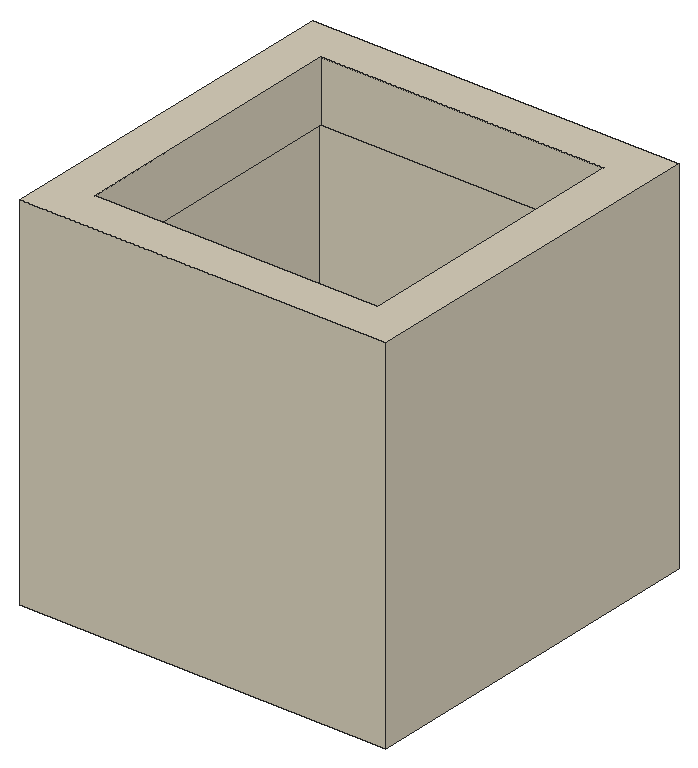
Revit family "Specialty_Equipment-Fiberstone_Planter-Planters_Unlimited-Draper-Rectangular & Square-rev", category Specialty Equipment, Revit 2023 (continued)
Types (596): name | Type Comments | Description | CD_Width | CD_Specification | CD_Product Page URL | CD_Length | CD_Height | CD_Divider Visibility
  96"L x 12"W x 18"H | "Rectangular Planter" | "Draper Rectangular Planter" | 12.0" | "https://www.plantersunlimited.com/content/2024-07-10-fg-pu-guide-specifications.pdf" | "https://www.plantersunlimited.com/modern-fiberglass-round-planter/" | 96.0" | 18.0" | yes
  96"L x 12"W x 24"H | "Rectangular Planter" | "Draper Rectangular Planter" | 12.0" | "https://www.plantersunlimited.com/content/2024-07-10-fg-pu-guide-specifications.pdf" | "https://www.plantersunlimited.com/modern-fiberglass-round-planter/" | 96.0" | 24.0" | yes
  96"L x 12"W x 30"H | "Rectangular Planter" | "Draper Rectangular Planter" | 12.0" | "https://www.plantersunlimited.com/content/2024-07-10-fg-pu-guide-specifications.pdf" | "https://www.plantersunlimited.com/modern-fiberglass-round-planter/" | 96.0" | 30.0" | yes
  96"L x 12"W x 36"H | "Rectangular Planter" | "Draper Rectangular Planter" | 12.0" | "https://www.plantersunlimited.com/content/2024-07-10-fg-pu-guide-specifications.pdf" | "https://www.plantersunlimited.com/modern-fiberglass-round-planter/" | 96.0" | 36.0" | yes
  96"L x 15"W x 18"H | "Rectangular Planter" | "Draper Rectangular Planter" | 15.0" | "https://www.plantersunlimited.com/content/2024-07-10-fg-pu-guide-specifications.pdf" | "https://www.plantersunlimited.com/modern-fiberglass-round-planter/" | 96.0" | 18.0" | yes
  96"L x 15"W x 24"H | "Rectangular Planter" | "Draper Rectangular Planter" | 15.0" | "https://www.plantersunlimited.com/content/2024-07-10-fg-pu-guide-specifications.pdf" | "https://www.plantersunlimited.com/modern-fiberglass-round-planter/" | 96.0" | 24.0" | yes
  96"L x 15"W x 30"H | "Rectangular Planter" | "Draper Rectangular Planter" | 15.0" | "https://www.plantersunlimited.com/content/2024-07-10-fg-pu-guide-specifications.pdf" | "https://www.plantersunlimited.com/modern-fiberglass-round-planter/" | 96.0" | 30.0" | yes
  96"L x 15"W x 36"H | "Rectangular Planter" | "Draper Rectangular Planter" | 15.0" | "https://www.plantersunlimited.com/content/2024-07-10-fg-pu-guide-specifications.pdf" | "https://www.plantersunlimited.com/modern-fiberglass-round-planter/" | 96.0" | 36.0" | yes
  96"L x 15"W x 42"H | "Rectangular Planter" | "Draper Rectangular Planter" | 15.0" | "https://www.plantersunlimited.com/content/2024-07-10-fg-pu-guide-specifications.pdf" | "https://www.plantersunlimited.com/modern-fiberglass-round-planter/" | 96.0" | 42.0" | yes
  96"L x 15"W x 48"H | "Rectangular Planter" | "Draper Rectangular Planter" | 15.0" | "https://www.plantersunlimited.com/content/2024-07-10-fg-pu-guide-specifications.pdf" | "https://www.plantersunlimited.com/modern-fiberglass-round-planter/" | 96.0" | 48.0" | yes
  96"L x 18"W x 18"H | "Rectangular Planter" | "Draper Rectangular Planter" | 18.0" | "https://www.plantersunlimited.com/content/2024-07-10-fg-pu-guide-specifications.pdf" | "https://www.plantersunlimited.com/modern-fiberglass-round-planter/" | 96.0" | 18.0" | yes
  96"L x 18"W x 24"H | "Rectangular Planter" | "Draper Rectangular Planter" | 18.0" | "https://www.plantersunlimited.com/content/2024-07-10-fg-pu-guide-specifications.pdf" | "https://www.plantersunlimited.com/modern-fiberglass-round-planter/" | 96.0" | 24.0" | yes
  96"L x 18"W x 30"H | "Rectangular Planter" | "Draper Rectangular Planter" | 18.0" | "https://www.plantersunlimited.com/content/2024-07-10-fg-pu-guide-specifications.pdf" | "https://www.plantersunlimited.com/modern-fiberglass-round-planter/" | 96.0" | 30.0" | yes
  96"L x 18"W x 36"H | "Rectangular Planter" | "Draper Rectangular Planter" | 18.0" | "https://www.plantersunlimited.com/content/2024-07-10-fg-pu-guide-specifications.pdf" | "https://www.plantersunlimited.com/modern-fiberglass-round-planter/" | 96.0" | 36.0" | yes
  96"L x 18"W x 42"H | "Rectangular Planter" | "Draper Rectangular Planter" | 18.0" | "https://www.plantersunlimited.com/content/2024-07-10-fg-pu-guide-specifications.pdf" | "https://www.plantersunlimited.com/modern-fiberglass-round-planter/" | 96.0" | 42.0" | yes
  96"L x 18"W x 48"H | "Rectangular Planter" | "Draper Rectangular Planter" | 18.0" | "https://www.plantersunlimited.com/content/2024-07-10-fg-pu-guide-specifications.pdf" | "https://www.plantersunlimited.com/modern-fiberglass-round-planter/" | 96.0" | 48.0" | yes
  96"L x 24"W x 18"H | "Rectangular Planter" | "Draper Rectangular Planter" | 24.0" | "https://www.plantersunlimited.com/content/2024-07-10-fg-pu-guide-specifications.pdf" | "https://www.plantersunlimited.com/modern-fiberglass-round-planter/" | 96.0" | 18.0" | yes
  96"L x 24"W x 24"H | "Rectangular Planter" | "Draper Rectangular Planter" | 24.0" | "https://www.plantersunlimited.com/content/2024-07-10-fg-pu-guide-specifications.pdf" | "https://www.plantersunlimited.com/modern-fiberglass-round-planter/" | 96.0" | 24.0" | yes
  96"L x 24"W x 30"H | "Rectangular Planter" | "Draper Rectangular Planter" | 24.0" | "https://www.plantersunlimited.com/content/2024-07-10-fg-pu-guide-specifications.pdf" | "https://www.plantersunlimited.com/modern-fiberglass-round-planter/" | 96.0" | 30.0" | yes
  96"L x 24"W x 36"H | "Rectangular Planter" | "Draper Rectangular Planter" | 24.0" | "https://www.plantersunlimited.com/content/2024-07-10-fg-pu-guide-specifications.pdf" | "https://www.plantersunlimited.com/modern-fiberglass-round-planter/" | 96.0" | 36.0" | yes
  96"L x 24"W x 42"H | "Rectangular Planter" | "Draper Rectangular Planter" | 24.0" | "https://www.plantersunlimited.com/content/2024-07-10-fg-pu-guide-specifications.pdf" | "https://www.plantersunlimited.com/modern-fiberglass-round-planter/" | 96.0" | 42.0" | yes
  96"L x 24"W x 48"H | "Rectangular Planter" | "Draper Rectangular Planter" | 24.0" | "https://www.plantersunlimited.com/content/2024-07-10-fg-pu-guide-specifications.pdf" | "https://www.plantersunlimited.com/modern-fiberglass-round-planter/" | 96.0" | 48.0" | yes
  96"L x 30"W x 18"H | "Rectangular Planter" | "Draper Rectangular Planter" | 30.0" | "https://www.plantersunlimited.com/content/2024-07-10-fg-pu-guide-specifications.pdf" | "https://www.plantersunlimited.com/modern-fiberglass-round-planter/" | 96.0" | 18.0" | yes
  96"L x 30"W x 24"H | "Rectangular Planter" | "Draper Rectangular Planter" | 30.0" | "https://www.plantersunlimited.com/content/2024-07-10-fg-pu-guide-specifications.pdf" | "https://www.plantersunlimited.com/modern-fiberglass-round-planter/" | 96.0" | 24.0" | yes
  96"L x 30"W x 30"H | "Rectangular Planter" | "Draper Rectangular Planter" | 30.0" | "https://www.plantersunlimited.com/content/2024-07-10-fg-pu-guide-specifications.pdf" | "https://www.plantersunlimited.com/modern-fiberglass-round-planter/" | 96.0" | 30.0" | yes
  96"L x 30"W x 36"H | "Rectangular Planter" | "Draper Rectangular Planter" | 30.0" | "https://www.plantersunlimited.com/content/2024-07-10-fg-pu-guide-specifications.pdf" | "https://www.plantersunlimited.com/modern-fiberglass-round-planter/" | 96.0" | 36.0" | yes
  96"L x 30"W x 42"H | "Rectangular Planter" | "Draper Rectangular Planter" | 30.0" | "https://www.plantersunlimited.com/content/2024-07-10-fg-pu-guide-specifications.pdf" | "https://www.plantersunlimited.com/modern-fiberglass-round-planter/" | 96.0" | 42.0" | yes
  96"L x 30"W x 48"H | "Rectangular Planter" | "Draper Rectangular Planter" | 30.0" | "https://www.plantersunlimited.com/content/2024-07-10-fg-pu-guide-specifications.pdf" | "https://www.plantersunlimited.com/modern-fiberglass-round-planter/" | 96.0" | 48.0" | yes
  96"L x 36"W x 18"H | "Rectangular Planter" | "Draper Rectangular Planter" | 36.0" | "https://www.plantersunlimited.com/content/2024-07-10-fg-pu-guide-specifications.pdf" | "https://www.plantersunlimited.com/modern-fiberglass-round-planter/" | 96.0" | 18.0" | yes
  96"L x 36"W x 24"H | "Rectangular Planter" | "Draper Rectangular Planter" | 36.0" | "https://www.plantersunlimited.com/content/2024-07-10-fg-pu-guide-specifications.pdf" | "https://www.plantersunlimited.com/modern-fiberglass-round-planter/" | 96.0" | 24.0" | yes
  96"L x 36"W x 30"H | "Rectangular Planter" | "Draper Rectangular Planter" | 36.0" | "https://www.plantersunlimited.com/content/2024-07-10-fg-pu-guide-specifications.pdf" | "https://www.plantersunlimited.com/modern-fiberglass-round-planter/" | 96.0" | 30.0" | yes
  96"L x 36"W x 36"H | "Rectangular Planter" | "Draper Rectangular Planter" | 36.0" | "https://www.plantersunlimited.com/content/2024-07-10-fg-pu-guide-specifications.pdf" | "https://www.plantersunlimited.com/modern-fiberglass-round-planter/" | 96.0" | 36.0" | yes
  96"L x 36"W x 42"H | "Rectangular Planter" | "Draper Rectangular Planter" | 36.0" | "https://www.plantersunlimited.com/content/2024-07-10-fg-pu-guide-specifications.pdf" | "https://www.plantersunlimited.com/modern-fiberglass-round-planter/" | 96.0" | 42.0" | yes
  96"L x 36"W x 48"H | "Rectangular Planter" | "Draper Rectangular Planter" | 36.0" | "https://www.plantersunlimited.com/content/2024-07-10-fg-pu-guide-specifications.pdf" | "https://www.plantersunlimited.com/modern-fiberglass-round-planter/" | 96.0" | 48.0" | yes
  96"L x 42"W x 18"H | "Rectangular Planter" | "Draper Rectangular Planter" | 42.0" | "https://www.plantersunlimited.com/content/2024-07-10-fg-pu-guide-specifications.pdf" | "https://www.plantersunlimited.com/modern-fiberglass-round-planter/" | 96.0" | 18.0" | yes
  96"L x 42"W x 24"H | "Rectangular Planter" | "Draper Rectangular Planter" | 42.0" | "https://www.plantersunlimited.com/content/2024-07-10-fg-pu-guide-specifications.pdf" | "https://www.plantersunlimited.com/modern-fiberglass-round-planter/" | 96.0" | 24.0" | yes
  96"L x 42"W x 30"H | "Rectangular Planter" | "Draper Rectangular Planter" | 42.0" | "https://www.plantersunlimited.com/content/2024-07-10-fg-pu-guide-specifications.pdf" | "https://www.plantersunlimited.com/modern-fiberglass-round-planter/" | 96.0" | 30.0" | yes
  96"L x 42"W x 36"H | "Rectangular Planter" | "Draper Rectangular Planter" | 42.0" | "https://www.plantersunlimited.com/content/2024-07-10-fg-pu-guide-specifications.pdf" | "https://www.plantersunlimited.com/modern-fiberglass-round-planter/" | 96.0" | 36.0" | yes
  96"L x 42"W x 42"H | "Rectangular Planter" | "Draper Rectangular Planter" | 42.0" | "https://www.plantersunlimited.com/content/2024-07-10-fg-pu-guide-specifications.pdf" | "https://www.plantersunlimited.com/modern-fiberglass-round-planter/" | 96.0" | 42.0" | yes
  96"L x 42"W x 48"H | "Rectangular Planter" | "Draper Rectangular Planter" | 42.0" | "https://www.plantersunlimited.com/content/2024-07-10-fg-pu-guide-specifications.pdf" | "https://www.plantersunlimited.com/modern-fiberglass-round-planter/" | 96.0" | 48.0" | yes
  108"L x 12"W x 18"H | "Rectangular Planter" | "Draper Rectangular Planter" | 12.0" | "https://www.plantersunlimited.com/content/2024-07-10-fg-pu-guide-specifications.pdf" | "https://www.plantersunlimited.com/modern-fiberglass-round-planter/" | 108.0" | 18.0" | yes
  108"L x 12"W x 24"H | "Rectangular Planter" | "Draper Rectangular Planter" | 12.0" | "https://www.plantersunlimited.com/content/2024-07-10-fg-pu-guide-specifications.pdf" | "https://www.plantersunlimited.com/modern-fiberglass-round-planter/" | 108.0" | 24.0" | yes
  108"L x 12"W x 30"H | "Rectangular Planter" | "Draper Rectangular Planter" | 12.0" | "https://www.plantersunlimited.com/content/2024-07-10-fg-pu-guide-specifications.pdf" | "https://www.plantersunlimited.com/modern-fiberglass-round-planter/" | 108.0" | 30.0" | yes
  108"L x 12"W x 36"H | "Rectangular Planter" | "Draper Rectangular Planter" | 12.0" | "https://www.plantersunlimited.com/content/2024-07-10-fg-pu-guide-specifications.pdf" | "https://www.plantersunlimited.com/modern-fiberglass-round-planter/" | 108.0" | 36.0" | yes
  108"L x 15"W x 18"H | "Rectangular Planter" | "Draper Rectangular Planter" | 15.0" | "https://www.plantersunlimited.com/content/2024-07-10-fg-pu-guide-specifications.pdf" | "https://www.plantersunlimited.com/modern-fiberglass-round-planter/" | 108.0" | 18.0" | yes
  108"L x 15"W x 24"H | "Rectangular Planter" | "Draper Rectangular Planter" | 15.0" | "https://www.plantersunlimited.com/content/2024-07-10-fg-pu-guide-specifications.pdf" | "https://www.plantersunlimited.com/modern-fiberglass-round-planter/" | 108.0" | 24.0" | yes
  108"L x 15"W x 30"H | "Rectangular Planter" | "Draper Rectangular Planter" | 15.0" | "https://www.plantersunlimited.com/content/2024-07-10-fg-pu-guide-specifications.pdf" | "https://www.plantersunlimited.com/modern-fiberglass-round-planter/" | 108.0" | 30.0" | yes
  108"L x 15"W x 36"H | "Rectangular Planter" | "Draper Rectangular Planter" | 15.0" | "https://www.plantersunlimited.com/content/2024-07-10-fg-pu-guide-specifications.pdf" | "https://www.plantersunlimited.com/modern-fiberglass-round-planter/" | 108.0" | 36.0" | yes
  108"L x 15"W x 42"H | "Rectangular Planter" | "Draper Rectangular Planter" | 15.0" | "https://www.plantersunlimited.com/content/2024-07-10-fg-pu-guide-specifications.pdf" | "https://www.plantersunlimited.com/modern-fiberglass-round-planter/" | 108.0" | 42.0" | yes
  108"L x 15"W x 48"H | "Rectangular Planter" | "Draper Rectangular Planter" | 15.0" | "https://www.plantersunlimited.com/content/2024-07-10-fg-pu-guide-specifications.pdf" | "https://www.plantersunlimited.com/modern-fiberglass-round-planter/" | 108.0" | 48.0" | yes
  108"L x 18"W x 18"H | "Rectangular Planter" | "Draper Rectangular Planter" | 18.0" | "https://www.plantersunlimited.com/content/2024-07-10-fg-pu-guide-specifications.pdf" | "https://www.plantersunlimited.com/modern-fiberglass-round-planter/" | 108.0" | 18.0" | yes
  108"L x 18"W x 24"H | "Rectangular Planter" | "Draper Rectangular Planter" | 18.0" | "https://www.plantersunlimited.com/content/2024-07-10-fg-pu-guide-specifications.pdf" | "https://www.plantersunlimited.com/modern-fiberglass-round-planter/" | 108.0" | 24.0" | yes
  108"L x 18"W x 30"H | "Rectangular Planter" | "Draper Rectangular Planter" | 18.0" | "https://www.plantersunlimited.com/content/2024-07-10-fg-pu-guide-specifications.pdf" | "https://www.plantersunlimited.com/modern-fiberglass-round-planter/" | 108.0" | 30.0" | yes
  108"L x 18"W x 36"H | "Rectangular Planter" | "Draper Rectangular Planter" | 18.0" | "https://www.plantersunlimited.com/content/2024-07-10-fg-pu-guide-specifications.pdf" | "https://www.plantersunlimited.com/modern-fiberglass-round-planter/" | 108.0" | 36.0" | yes
  108"L x 18"W x 42"H | "Rectangular Planter" | "Draper Rectangular Planter" | 18.0" | "https://www.plantersunlimited.com/content/2024-07-10-fg-pu-guide-specifications.pdf" | "https://www.plantersunlimited.com/modern-fiberglass-round-planter/" | 108.0" | 42.0" | yes
  108"L x 18"W x 48"H | "Rectangular Planter" | "Draper Rectangular Planter" | 18.0" | "https://www.plantersunlimited.com/content/2024-07-10-fg-pu-guide-specifications.pdf" | "https://www.plantersunlimited.com/modern-fiberglass-round-planter/" | 108.0" | 48.0" | yes
  108"L x 24"W x 18"H | "Rectangular Planter" | "Draper Rectangular Planter" | 24.0" | "https://www.plantersunlimited.com/content/2024-07-10-fg-pu-guide-specifications.pdf" | "https://www.plantersunlimited.com/modern-fiberglass-round-planter/" | 108.0" | 18.0" | yes
  108"L x 24"W x 24"H | "Rectangular Planter" | "Draper Rectangular Planter" | 24.0" | "https://www.plantersunlimited.com/content/2024-07-10-fg-pu-guide-specifications.pdf" | "https://www.plantersunlimited.com/modern-fiberglass-round-planter/" | 108.0" | 24.0" | yes
  108"L x 24"W x 30"H | "Rectangular Planter" | "Draper Rectangular Planter" | 24.0" | "https://www.plantersunlimited.com/content/2024-07-10-fg-pu-guide-specifications.pdf" | "https://www.plantersunlimited.com/modern-fiberglass-round-planter/" | 108.0" | 30.0" | yes
  108"L x 24"W x 36"H | "Rectangular Planter" | "Draper Rectangular Planter" | 24.0" | "https://www.plantersunlimited.com/content/2024-07-10-fg-pu-guide-specifications.pdf" | "https://www.plantersunlimited.com/modern-fiberglass-round-planter/" | 108.0" | 36.0" | yes
  108"L x 24"W x 42"H | "Rectangular Planter" | "Draper Rectangular Planter" | 24.0" | "https://www.plantersunlimited.com/content/2024-07-10-fg-pu-guide-specifications.pdf" | "https://www.plantersunlimited.com/modern-fiberglass-round-planter/" | 108.0" | 42.0" | yes
  108"L x 24"W x 48"H | "Rectangular Planter" | "Draper Rectangular Planter" | 24.0" | "https://www.plantersunlimited.com/content/2024-07-10-fg-pu-guide-specifications.pdf" | "https://www.plantersunlimited.com/modern-fiberglass-round-planter/" | 108.0" | 48.0" | yes
  108"L x 30"W x 18"H | "Rectangular Planter" | "Draper Rectangular Planter" | 30.0" | "https://www.plantersunlimited.com/content/2024-07-10-fg-pu-guide-specifications.pdf" | "https://www.plantersunlimited.com/modern-fiberglass-round-planter/" | 108.0" | 18.0" | yes
  108"L x 30"W x 24"H | "Rectangular Planter" | "Draper Rectangular Planter" | 30.0" | "https://www.plantersunlimited.com/content/2024-07-10-fg-pu-guide-specifications.pdf" | "https://www.plantersunlimited.com/modern-fiberglass-round-planter/" | 108.0" | 24.0" | yes
  108"L x 30"W x 30"H | "Rectangular Planter" | "Draper Rectangular Planter" | 30.0" | "https://www.plantersunlimited.com/content/2024-07-10-fg-pu-guide-specifications.pdf" | "https://www.plantersunlimited.com/modern-fiberglass-round-planter/" | 108.0" | 30.0" | yes
  108"L x 30"W x 36"H | "Rectangular Planter" | "Draper Rectangular Planter" | 30.0" | "https://www.plantersunlimited.com/content/2024-07-10-fg-pu-guide-specifications.pdf" | "https://www.plantersunlimited.com/modern-fiberglass-round-planter/" | 108.0" | 36.0" | yes
  108"L x 30"W x 42"H | "Rectangular Planter" | "Draper Rectangular Planter" | 30.0" | "https://www.plantersunlimited.com/content/2024-07-10-fg-pu-guide-specifications.pdf" | "https://www.plantersunlimited.com/modern-fiberglass-round-planter/" | 108.0" | 42.0" | yes
  108"L x 30"W x 48"H | "Rectangular Planter" | "Draper Rectangular Planter" | 30.0" | "https://www.plantersunlimited.com/content/2024-07-10-fg-pu-guide-specifications.pdf" | "https://www.plantersunlimited.com/modern-fiberglass-round-planter/" | 108.0" | 48.0" | yes
  108"L x 36"W x 18"H | "Rectangular Planter" | "Draper Rectangular Planter" | 36.0" | "https://www.plantersunlimited.com/content/2024-07-10-fg-pu-guide-specifications.pdf" | "https://www.plantersunlimited.com/modern-fiberglass-round-planter/" | 108.0" | 18.0" | yes
  108"L x 36"W x 24"H | "Rectangular Planter" | "Draper Rectangular Planter" | 36.0" | "https://www.plantersunlimited.com/content/2024-07-10-fg-pu-guide-specifications.pdf" | "https://www.plantersunlimited.com/modern-fiberglass-round-planter/" | 108.0" | 24.0" | yes
  108"L x 36"W x 30"H | "Rectangular Planter" | "Draper Rectangular Planter" | 36.0" | "https://www.plantersunlimited.com/content/2024-07-10-fg-pu-guide-specifications.pdf" | "https://www.plantersunlimited.com/modern-fiberglass-round-planter/" | 108.0" | 30.0" | yes
  108"L x 36"W x 36"H | "Rectangular Planter" | "Draper Rectangular Planter" | 36.0" | "https://www.plantersunlimited.com/content/2024-07-10-fg-pu-guide-specifications.pdf" | "https://www.plantersunlimited.com/modern-fiberglass-round-planter/" | 108.0" | 36.0" | yes
  108"L x 36"W x 42"H | "Rectangular Planter" | "Draper Rectangular Planter" | 36.0" | "https://www.plantersunlimited.com/content/2024-07-10-fg-pu-guide-specifications.pdf" | "https://www.plantersunlimited.com/modern-fiberglass-round-planter/" | 108.0" | 42.0" | yes
  108"L x 36"W x 48"H | "Rectangular Planter" | "Draper Rectangular Planter" | 36.0" | "https://www.plantersunlimited.com/content/2024-07-10-fg-pu-guide-specifications.pdf" | "https://www.plantersunlimited.com/modern-fiberglass-round-planter/" | 108.0" | 48.0" | yes
  108"L x 42"W x 18"H | "Rectangular Planter" | "Draper Rectangular Planter" | 42.0" | "https://www.plantersunlimited.com/content/2024-07-10-fg-pu-guide-specifications.pdf" | "https://www.plantersunlimited.com/modern-fiberglass-round-planter/" | 108.0" | 18.0" | yes
  108"L x 42"W x 24"H | "Rectangular Planter" | "Draper Rectangular Planter" | 42.0" | "https://www.plantersunlimited.com/content/2024-07-10-fg-pu-guide-specifications.pdf" | "https://www.plantersunlimited.com/modern-fiberglass-round-planter/" | 108.0" | 24.0" | yes
  108"L x 42"W x 30"H | "Rectangular Planter" | "Draper Rectangular Planter" | 42.0" | "https://www.plantersunlimited.com/content/2024-07-10-fg-pu-guide-specifications.pdf" | "https://www.plantersunlimited.com/modern-fiberglass-round-planter/" | 108.0" | 30.0" | yes
  108"L x 42"W x 36"H | "Rectangular Planter" | "Draper Rectangular Planter" | 42.0" | "https://www.plantersunlimited.com/content/2024-07-10-fg-pu-guide-specifications.pdf" | "https://www.plantersunlimited.com/modern-fiberglass-round-planter/" | 108.0" | 36.0" | yes
  108"L x 42"W x 42"H | "Rectangular Planter" | "Draper Rectangular Planter" | 42.0" | "https://www.plantersunlimited.com/content/2024-07-10-fg-pu-guide-specifications.pdf" | "https://www.plantersunlimited.com/modern-fiberglass-round-planter/" | 108.0" | 42.0" | yes
  108"L x 42"W x 48"H | "Rectangular Planter" | "Draper Rectangular Planter" | 42.0" | "https://www.plantersunlimited.com/content/2024-07-10-fg-pu-guide-specifications.pdf" | "https://www.plantersunlimited.com/modern-fiberglass-round-planter/" | 108.0" | 48.0" | yes
  120"L x 12"W x 18"H | "Rectangular Planter" | "Draper Rectangular Planter" | 12.0" | "https://www.plantersunlimited.com/content/2024-07-10-fg-pu-guide-specifications.pdf" | "https://www.plantersunlimited.com/modern-fiberglass-round-planter/" | 120.0" | 18.0" | yes
  120"L x 12"W x 24"H | "Rectangular Planter" | "Draper Rectangular Planter" | 12.0" | "https://www.plantersunlimited.com/content/2024-07-10-fg-pu-guide-specifications.pdf" | "https://www.plantersunlimited.com/modern-fiberglass-round-planter/" | 120.0" | 24.0" | yes
  120"L x 12"W x 30"H | "Rectangular Planter" | "Draper Rectangular Planter" | 12.0" | "https://www.plantersunlimited.com/content/2024-07-10-fg-pu-guide-specifications.pdf" | "https://www.plantersunlimited.com/modern-fiberglass-round-planter/" | 120.0" | 30.0" | yes
  120"L x 12"W x 36"H | "Rectangular Planter" | "Draper Rectangular Planter" | 12.0" | "https://www.plantersunlimited.com/content/2024-07-10-fg-pu-guide-specifications.pdf" | "https://www.plantersunlimited.com/modern-fiberglass-round-planter/" | 120.0" | 36.0" | yes
  120"L x 15"W x 18"H | "Rectangular Planter" | "Draper Rectangular Planter" | 15.0" | "https://www.plantersunlimited.com/content/2024-07-10-fg-pu-guide-specifications.pdf" | "https://www.plantersunlimited.com/modern-fiberglass-round-planter/" | 120.0" | 18.0" | yes
  120"L x 15"W x 24"H | "Rectangular Planter" | "Draper Rectangular Planter" | 15.0" | "https://www.plantersunlimited.com/content/2024-07-10-fg-pu-guide-specifications.pdf" | "https://www.plantersunlimited.com/modern-fiberglass-round-planter/" | 120.0" | 24.0" | yes
  120"L x 15"W x 30"H | "Rectangular Planter" | "Draper Rectangular Planter" | 15.0" | "https://www.plantersunlimited.com/content/2024-07-10-fg-pu-guide-specifications.pdf" | "https://www.plantersunlimited.com/modern-fiberglass-round-planter/" | 120.0" | 30.0" | yes
  120"L x 15"W x 36"H | "Rectangular Planter" | "Draper Rectangular Planter" | 15.0" | "https://www.plantersunlimited.com/content/2024-07-10-fg-pu-guide-specifications.pdf" | "https://www.plantersunlimited.com/modern-fiberglass-round-planter/" | 120.0" | 36.0" | yes
  120"L x 15"W x 42"H | "Rectangular Planter" | "Draper Rectangular Planter" | 15.0" | "https://www.plantersunlimited.com/content/2024-07-10-fg-pu-guide-specifications.pdf" | "https://www.plantersunlimited.com/modern-fiberglass-round-planter/" | 120.0" | 42.0" | yes
  120"L x 15"W x 48"H | "Rectangular Planter" | "Draper Rectangular Planter" | 15.0" | "https://www.plantersunlimited.com/content/2024-07-10-fg-pu-guide-specifications.pdf" | "https://www.plantersunlimited.com/modern-fiberglass-round-planter/" | 120.0" | 48.0" | yes
  120"L x 18"W x 18"H | "Rectangular Planter" | "Draper Rectangular Planter" | 18.0" | "https://www.plantersunlimited.com/content/2024-07-10-fg-pu-guide-specifications.pdf" | "https://www.plantersunlimited.com/modern-fiberglass-round-planter/" | 120.0" | 18.0" | yes
  120"L x 18"W x 24"H | "Rectangular Planter" | "Draper Rectangular Planter" | 18.0" | "https://www.plantersunlimited.com/content/2024-07-10-fg-pu-guide-specifications.pdf" | "https://www.plantersunlimited.com/modern-fiberglass-round-planter/" | 120.0" | 24.0" | yes
  120"L x 18"W x 30"H | "Rectangular Planter" | "Draper Rectangular Planter" | 18.0" | "https://www.plantersunlimited.com/content/2024-07-10-fg-pu-guide-specifications.pdf" | "https://www.plantersunlimited.com/modern-fiberglass-round-planter/" | 120.0" | 30.0" | yes
  120"L x 18"W x 36"H | "Rectangular Planter" | "Draper Rectangular Planter" | 18.0" | "https://www.plantersunlimited.com/content/2024-07-10-fg-pu-guide-specifications.pdf" | "https://www.plantersunlimited.com/modern-fiberglass-round-planter/" | 120.0" | 36.0" | yes
  120"L x 18"W x 42"H | "Rectangular Planter" | "Draper Rectangular Planter" | 18.0" | "https://www.plantersunlimited.com/content/2024-07-10-fg-pu-guide-specifications.pdf" | "https://www.plantersunlimited.com/modern-fiberglass-round-planter/" | 120.0" | 42.0" | yes
  120"L x 18"W x 48"H | "Rectangular Planter" | "Draper Rectangular Planter" | 18.0" | "https://www.plantersunlimited.com/content/2024-07-10-fg-pu-guide-specifications.pdf" | "https://www.plantersunlimited.com/modern-fiberglass-round-planter/" | 120.0" | 48.0" | yes
  120"L x 24"W x 18"H | "Rectangular Planter" | "Draper Rectangular Planter" | 24.0" | "https://www.plantersunlimited.com/content/2024-07-10-fg-pu-guide-specifications.pdf" | "https://www.plantersunlimited.com/modern-fiberglass-round-planter/" | 120.0" | 18.0" | yes
  120"L x 24"W x 24"H | "Rectangular Planter" | "Draper Rectangular Planter" | 24.0" | "https://www.plantersunlimited.com/content/2024-07-10-fg-pu-guide-specifications.pdf" | "https://www.plantersunlimited.com/modern-fiberglass-round-planter/" | 120.0" | 24.0" | yes
  120"L x 24"W x 30"H | "Rectangular Planter" | "Draper Rectangular Planter" | 24.0" | "https://www.plantersunlimited.com/content/2024-07-10-fg-pu-guide-specifications.pdf" | "https://www.plantersunlimited.com/modern-fiberglass-round-planter/" | 120.0" | 30.0" | yes
  120"L x 24"W x 36"H | "Rectangular Planter" | "Draper Rectangular Planter" | 24.0" | "https://www.plantersunlimited.com/content/2024-07-10-fg-pu-guide-specifications.pdf" | "https://www.plantersunlimited.com/modern-fiberglass-round-planter/" | 120.0" | 36.0" | yes
  120"L x 24"W x 42"H | "Rectangular Planter" | "Draper Rectangular Planter" | 24.0" | "https://www.plantersunlimited.com/content/2024-07-10-fg-pu-guide-specifications.pdf" | "https://www.plantersunlimited.com/modern-fiberglass-round-planter/" | 120.0" | 42.0" | yes
  120"L x 24"W x 48"H | "Rectangular Planter" | "Draper Rectangular Planter" | 24.0" | "https://www.plantersunlimited.com/content/2024-07-10-fg-pu-guide-specifications.pdf" | "https://www.plantersunlimited.com/modern-fiberglass-round-planter/" | 120.0" | 48.0" | yes
  120"L x 30"W x 18"H | "Rectangular Planter" | "Draper Rectangular Planter" | 30.0" | "https://www.plantersunlimited.com/content/2024-07-10-fg-pu-guide-specifications.pdf" | "https://www.plantersunlimited.com/modern-fiberglass-round-planter/" | 120.0" | 18.0" | yes
  120"L x 30"W x 24"H | "Rectangular Planter" | "Draper Rectangular Planter" | 30.0" | "https://www.plantersunlimited.com/content/2024-07-10-fg-pu-guide-specifications.pdf" | "https://www.plantersunlimited.com/modern-fiberglass-round-planter/" | 120.0" | 24.0" | yes
  120"L x 30"W x 30"H | "Rectangular Planter" | "Draper Rectangular Planter" | 30.0" | "https://www.plantersunlimited.com/content/2024-07-10-fg-pu-guide-specifications.pdf" | "https://www.plantersunlimited.com/modern-fiberglass-round-planter/" | 120.0" | 30.0" | yes
  120"L x 30"W x 36"H | "Rectangular Planter" | "Draper Rectangular Planter" | 30.0" | "https://www.plantersunlimited.com/content/2024-07-10-fg-pu-guide-specifications.pdf" | "https://www.plantersunlimited.com/modern-fiberglass-round-planter/" | 120.0" | 36.0" | yes
  120"L x 30"W x 42"H | "Rectangular Planter" | "Draper Rectangular Planter" | 30.0" | "https://www.plantersunlimited.com/content/2024-07-10-fg-pu-guide-specifications.pdf" | "https://www.plantersunlimited.com/modern-fiberglass-round-planter/" | 120.0" | 42.0" | yes
  120"L x 30"W x 48"H | "Rectangular Planter" | "Draper Rectangular Planter" | 30.0" | "https://www.plantersunlimited.com/content/2024-07-10-fg-pu-guide-specifications.pdf" | "https://www.plantersunlimited.com/modern-fiberglass-round-planter/" | 120.0" | 48.0" | yes
  120"L x 36"W x 18"H | "Rectangular Planter" | "Draper Rectangular Planter" | 36.0" | "https://www.plantersunlimited.com/content/2024-07-10-fg-pu-guide-specifications.pdf" | "https://www.plantersunlimited.com/modern-fiberglass-round-planter/" | 120.0" | 18.0" | yes
  120"L x 36"W x 24"H | "Rectangular Planter" | "Draper Rectangular Planter" | 36.0" | "https://www.plantersunlimited.com/content/2024-07-10-fg-pu-guide-specifications.pdf" | "https://www.plantersunlimited.com/modern-fiberglass-round-planter/" | 120.0" | 24.0" | yes
  120"L x 36"W x 30"H | "Rectangular Planter" | "Draper Rectangular Planter" | 36.0" | "https://www.plantersunlimited.com/content/2024-07-10-fg-pu-guide-specifications.pdf" | "https://www.plantersunlimited.com/modern-fiberglass-round-planter/" | 120.0" | 30.0" | yes
  120"L x 36"W x 36"H | "Rectangular Planter" | "Draper Rectangular Planter" | 36.0" | "https://www.plantersunlimited.com/content/2024-07-10-fg-pu-guide-specifications.pdf" | "https://www.plantersunlimited.com/modern-fiberglass-round-planter/" | 120.0" | 36.0" | yes
  120"L x 36"W x 42"H | "Rectangular Planter" | "Draper Rectangular Planter" | 36.0" | "https://www.plantersunlimited.com/content/2024-07-10-fg-pu-guide-specifications.pdf" | "https://www.plantersunlimited.com/modern-fiberglass-round-planter/" | 120.0" | 42.0" | yes
  120"L x 36"W x 48"H | "Rectangular Planter" | "Draper Rectangular Planter" | 36.0" | "https://www.plantersunlimited.com/content/2024-07-10-fg-pu-guide-specifications.pdf" | "https://www.plantersunlimited.com/modern-fiberglass-round-planter/" | 120.0" | 48.0" | yes
  120"L x 42"W x 18"H | "Rectangular Planter" | "Draper Rectangular Planter" | 42.0" | "https://www.plantersunlimited.com/content/2024-07-10-fg-pu-guide-specifications.pdf" | "https://www.plantersunlimited.com/modern-fiberglass-round-planter/" | 120.0" | 18.0" | yes
  120"L x 42"W x 24"H | "Rectangular Planter" | "Draper Rectangular Planter" | 42.0" | "https://www.plantersunlimited.com/content/2024-07-10-fg-pu-guide-specifications.pdf" | "https://www.plantersunlimited.com/modern-fiberglass-round-planter/" | 120.0" | 24.0" | yes
  120"L x 42"W x 30"H | "Rectangular Planter" | "Draper Rectangular Planter" | 42.0" | "https://www.plantersunlimited.com/content/2024-07-10-fg-pu-guide-specifications.pdf" | "https://www.plantersunlimited.com/modern-fiberglass-round-planter/" | 120.0" | 30.0" | yes
  120"L x 42"W x 36"H | "Rectangular Planter" | "Draper Rectangular Planter" | 42.0" | "https://www.plantersunlimited.com/content/2024-07-10-fg-pu-guide-specifications.pdf" | "https://www.plantersunlimited.com/modern-fiberglass-round-planter/" | 120.0" | 36.0" | yes
  120"L x 42"W x 42"H | "Rectangular Planter" | "Draper Rectangular Planter" | 42.0" | "https://www.plantersunlimited.com/content/2024-07-10-fg-pu-guide-specifications.pdf" | "https://www.plantersunlimited.com/modern-fiberglass-round-planter/" | 120.0" | 42.0" | yes
  120"L x 42"W x 48"H | "Rectangular Planter" | "Draper Rectangular Planter" | 42.0" | "https://www.plantersunlimited.com/content/2024-07-10-fg-pu-guide-specifications.pdf" | "https://www.plantersunlimited.com/modern-fiberglass-round-planter/" | 120.0" | 48.0" | yes
  18"L x 18"W x 18"H | "Square Planter" | "Draper Square Planter" | 18.0" | "https://www.plantersunlimited.com/content/2024-07-10-fg-pu-guide-specifications.pdf" | "https://www.plantersunlimited.com/modern-fiberglass-round-planter/" | 18.0" | 18.0" | no
  18"L x 18"W x 24"H | "Square Planter" | "Draper Square Planter" | 18.0" | "https://www.plantersunlimited.com/content/2024-07-10-fg-pu-guide-specifications.pdf" | "https://www.plantersunlimited.com/modern-fiberglass-round-planter/" | 18.0" | 24.0" | no
  18"L x 18"W x 30"H | "Square Planter" | "Draper Square Planter" | 18.0" | "https://www.plantersunlimited.com/content/2024-07-10-fg-pu-guide-specifications.pdf" | "https://www.plantersunlimited.com/modern-fiberglass-round-planter/" | 18.0" | 30.0" | no
  18"L x 18"W x 36"H | "Square Planter" | "Draper Square Planter" | 18.0" | "https://www.plantersunlimited.com/content/2024-07-10-fg-pu-guide-specifications.pdf" | "https://www.plantersunlimited.com/modern-fiberglass-round-planter/" | 18.0" | 36.0" | no
  18"L x 18"W x 42"H | "Square Planter" | "Draper Square Planter" | 18.0" | "https://www.plantersunlimited.com/content/2024-07-10-fg-pu-guide-specifications.pdf" | "https://www.plantersunlimited.com/modern-fiberglass-round-planter/" | 18.0" | 42.0" | no
  18"L x 18"W x 48"H | "Square Planter" | "Draper Square Planter" | 18.0" | "https://www.plantersunlimited.com/content/2024-07-10-fg-pu-guide-specifications.pdf" | "https://www.plantersunlimited.com/modern-fiberglass-round-planter/" | 18.0" | 48.0" | no
  18"L x 18"W x 54"H | "Square Planter" | "Draper Square Planter" | 18.0" | "https://www.plantersunlimited.com/content/2024-07-10-fg-pu-guide-specifications.pdf" | "https://www.plantersunlimited.com/modern-fiberglass-round-planter/" | 18.0" | 54.0" | no
  18"L x 18"W x 60"H | "Square Planter" | "Draper Square Planter" | 18.0" | "https://www.plantersunlimited.com/content/2024-07-10-fg-pu-guide-specifications.pdf" | "https://www.plantersunlimited.com/modern-fiberglass-round-planter/" | 18.0" | 60.0" | no
  24"L x 24"W x 18"H | "Square Planter" | "Draper Square Planter" | 24.0" | "https://www.plantersunlimited.com/content/2024-07-10-fg-pu-guide-specifications.pdf" | "https://www.plantersunlimited.com/modern-fiberglass-round-planter/" | 24.0" | 18.0" | no
  24"L x 24"W x 24"H | "Square Planter" | "Draper Square Planter" | 24.0" | "https://www.plantersunlimited.com/content/2024-07-10-fg-pu-guide-specifications.pdf" | "https://www.plantersunlimited.com/modern-fiberglass-round-planter/" | 24.0" | 24.0" | no
  24"L x 24"W x 30"H | "Square Planter" | "Draper Square Planter" | 24.0" | "https://www.plantersunlimited.com/content/2024-07-10-fg-pu-guide-specifications.pdf" | "https://www.plantersunlimited.com/modern-fiberglass-round-planter/" | 24.0" | 30.0" | no
  24"L x 24"W x 36"H | "Square Planter" | "Draper Square Planter" | 24.0" | "https://www.plantersunlimited.com/content/2024-07-10-fg-pu-guide-specifications.pdf" | "https://www.plantersunlimited.com/modern-fiberglass-round-planter/" | 24.0" | 36.0" | no
  24"L x 24"W x 42"H | "Square Planter" | "Draper Square Planter" | 24.0" | "https://www.plantersunlimited.com/content/2024-07-10-fg-pu-guide-specifications.pdf" | "https://www.plantersunlimited.com/modern-fiberglass-round-planter/" | 24.0" | 42.0" | no
  24"L x 24"W x 48"H | "Square Planter" | "Draper Square Planter" | 24.0" | "https://www.plantersunlimited.com/content/2024-07-10-fg-pu-guide-specifications.pdf" | "https://www.plantersunlimited.com/modern-fiberglass-round-planter/" | 24.0" | 48.0" | no
  24"L x 24"W x 54"H | "Square Planter" | "Draper Square Planter" | 24.0" | "https://www.plantersunlimited.com/content/2024-07-10-fg-pu-guide-specifications.pdf" | "https://www.plantersunlimited.com/modern-fiberglass-round-planter/" | 24.0" | 54.0" | no
  24"L x 24"W x 60"H | "Square Planter" | "Draper Square Planter" | 24.0" | "https://www.plantersunlimited.com/content/2024-07-10-fg-pu-guide-specifications.pdf" | "https://www.plantersunlimited.com/modern-fiberglass-round-planter/" | 24.0" | 60.0" | no
  30"L x 30"W x 18"H | "Square Planter" | "Draper Square Planter" | 30.0" | "https://www.plantersunlimited.com/content/2024-07-10-fg-pu-guide-specifications.pdf" | "https://www.plantersunlimited.com/modern-fiberglass-round-planter/" | 30.0" | 18.0" | no
  30"L x 30"W x 24"H | "Square Planter" | "Draper Square Planter" | 30.0" | "https://www.plantersunlimited.com/content/2024-07-10-fg-pu-guide-specifications.pdf" | "https://www.plantersunlimited.com/modern-fiberglass-round-planter/" | 30.0" | 24.0" | no
  30"L x 30"W x 30"H | "Square Planter" | "Draper Square Planter" | 30.0" | "https://www.plantersunlimited.com/content/2024-07-10-fg-pu-guide-specifications.pdf" | "https://www.plantersunlimited.com/modern-fiberglass-round-planter/" | 30.0" | 30.0" | no
  30"L x 30"W x 36"H | "Square Planter" | "Draper Square Planter" | 30.0" | "https://www.plantersunlimited.com/content/2024-07-10-fg-pu-guide-specifications.pdf" | "https://www.plantersunlimited.com/modern-fiberglass-round-planter/" | 30.0" | 36.0" | no
  30"L x 30"W x 42"H | "Square Planter" | "Draper Square Planter" | 30.0" | "https://www.plantersunlimited.com/content/2024-07-10-fg-pu-guide-specifications.pdf" | "https://www.plantersunlimited.com/modern-fiberglass-round-planter/" | 30.0" | 42.0" | no
  30"L x 30"W x 48"H | "Square Planter" | "Draper Square Planter" | 30.0" | "https://www.plantersunlimited.com/content/2024-07-10-fg-pu-guide-specifications.pdf" | "https://www.plantersunlimited.com/modern-fiberglass-round-planter/" | 30.0" | 48.0" | no
  30"L x 30"W x 54"H | "Square Planter" | "Draper Square Planter" | 30.0" | "https://www.plantersunlimited.com/content/2024-07-10-fg-pu-guide-specifications.pdf" | "https://www.plantersunlimited.com/modern-fiberglass-round-planter/" | 30.0" | 54.0" | no
  30"L x 30"W x 60"H | "Square Planter" | "Draper Square Planter" | 30.0" | "https://www.plantersunlimited.com/content/2024-07-10-fg-pu-guide-specifications.pdf" | "https://www.plantersunlimited.com/modern-fiberglass-round-planter/" | 30.0" | 60.0" | no
  36"L x 36"W x 18"H | "Square Planter" | "Draper Square Planter" | 36.0" | "https://www.plantersunlimited.com/content/2024-07-10-fg-pu-guide-specifications.pdf" | "https://www.plantersunlimited.com/modern-fiberglass-round-planter/" | 36.0" | 18.0" | no
  36"L x 36"W x 24"H | "Square Planter" | "Draper Square Planter" | 36.0" | "https://www.plantersunlimited.com/content/2024-07-10-fg-pu-guide-specifications.pdf" | "https://www.plantersunlimited.com/modern-fiberglass-round-planter/" | 36.0" | 24.0" | no
  36"L x 36"W x 30"H | "Square Planter" | "Draper Square Planter" | 36.0" | "https://www.plantersunlimited.com/content/2024-07-10-fg-pu-guide-specifications.pdf" | "https://www.plantersunlimited.com/modern-fiberglass-round-planter/" | 36.0" | 30.0" | no
  36"L x 36"W x 36"H | "Square Planter" | "Draper Square Planter" | 36.0" | "https://www.plantersunlimited.com/content/2024-07-10-fg-pu-guide-specifications.pdf" | "https://www.plantersunlimited.com/modern-fiberglass-round-planter/" | 36.0" | 36.0" | no
  36"L x 36"W x 42"H | "Square Planter" | "Draper Square Planter" | 36.0" | "https://www.plantersunlimited.com/content/2024-07-10-fg-pu-guide-specifications.pdf" | "https://www.plantersunlimited.com/modern-fiberglass-round-planter/" | 36.0" | 42.0" | no
  36"L x 36"W x 48"H | "Square Planter" | "Draper Square Planter" | 36.0" | "https://www.plantersunlimited.com/content/2024-07-10-fg-pu-guide-specifications.pdf" | "https://www.plantersunlimited.com/modern-fiberglass-round-planter/" | 36.0" | 48.0" | no
  36"L x 36"W x 54"H | "Square Planter" | "Draper Square Planter" | 36.0" | "https://www.plantersunlimited.com/content/2024-07-10-fg-pu-guide-specifications.pdf" | "https://www.plantersunlimited.com/modern-fiberglass-round-planter/" | 36.0" | 54.0" | no
  36"L x 36"W x 60"H | "Square Planter" | "Draper Square Planter" | 36.0" | "https://www.plantersunlimited.com/content/2024-07-10-fg-pu-guide-specifications.pdf" | "https://www.plantersunlimited.com/modern-fiberglass-round-planter/" | 36.0" | 60.0" | no
  42"L x 42"W x 18"H | "Square Planter" | "Draper Square Planter" | 42.0" | "https://www.plantersunlimited.com/content/2024-07-10-fg-pu-guide-specifications.pdf" | "https://www.plantersunlimited.com/modern-fiberglass-round-planter/" | 42.0" | 18.0" | no
  42"L x 42"W x 24"H | "Square Planter" | "Draper Square Planter" | 42.0" | "https://www.plantersunlimited.com/content/2024-07-10-fg-pu-guide-specifications.pdf" | "https://www.plantersunlimited.com/modern-fiberglass-round-planter/" | 42.0" | 24.0" | no
  42"L x 42"W x 30"H | "Square Planter" | "Draper Square Planter" | 42.0" | "https://www.plantersunlimited.com/content/2024-07-10-fg-pu-guide-specifications.pdf" | "https://www.plantersunlimited.com/modern-fiberglass-round-planter/" | 42.0" | 30.0" | no
  42"L x 42"W x 36"H | "Square Planter" | "Draper Square Planter" | 42.0" | "https://www.plantersunlimited.com/content/2024-07-10-fg-pu-guide-specifications.pdf" | "https://www.plantersunlimited.com/modern-fiberglass-round-planter/" | 42.0" | 36.0" | no
  42"L x 42"W x 42"H | "Square Planter" | "Draper Square Planter" | 42.0" | "https://www.plantersunlimited.com/content/2024-07-10-fg-pu-guide-specifications.pdf" | "https://www.plantersunlimited.com/modern-fiberglass-round-planter/" | 42.0" | 42.0" | no
  42"L x 42"W x 48"H | "Square Planter" | "Draper Square Planter" | 42.0" | "https://www.plantersunlimited.com/content/2024-07-10-fg-pu-guide-specifications.pdf" | "https://www.plantersunlimited.com/modern-fiberglass-round-planter/" | 42.0" | 48.0" | no
  42"L x 42"W x 54"H | "Square Planter" | "Draper Square Planter" | 42.0" | "https://www.plantersunlimited.com/content/2024-07-10-fg-pu-guide-specifications.pdf" | "https://www.plantersunlimited.com/modern-fiberglass-round-planter/" | 42.0" | 54.0" | no
  42"L x 42"W x 60"H | "Square Planter" | "Draper Square Planter" | 42.0" | "https://www.plantersunlimited.com/content/2024-07-10-fg-pu-guide-specifications.pdf" | "https://www.plantersunlimited.com/modern-fiberglass-round-planter/" | 42.0" | 60.0" | no
  48"L x 48"W x 18"H | "Square Planter" | "Draper Square Planter" | 48.0" | "https://www.plantersunlimited.com/content/2024-07-10-fg-pu-guide-specifications.pdf" | "https://www.plantersunlimited.com/modern-fiberglass-round-planter/" | 48.0" | 18.0" | no
  48"L x 48"W x 24"H | "Square Planter" | "Draper Square Planter" | 48.0" | "https://www.plantersunlimited.com/content/2024-07-10-fg-pu-guide-specifications.pdf" | "https://www.plantersunlimited.com/modern-fiberglass-round-planter/" | 48.0" | 24.0" | no
  48"L x 48"W x 30"H | "Square Planter" | "Draper Square Planter" | 48.0" | "https://www.plantersunlimited.com/content/2024-07-10-fg-pu-guide-specifications.pdf" | "https://www.plantersunlimited.com/modern-fiberglass-round-planter/" | 48.0" | 30.0" | no
  48"L x 48"W x 36"H | "Square Planter" | "Draper Square Planter" | 48.0" | "https://www.plantersunlimited.com/content/2024-07-10-fg-pu-guide-specifications.pdf" | "https://www.plantersunlimited.com/modern-fiberglass-round-planter/" | 48.0" | 36.0" | no
  48"L x 48"W x 42"H | "Square Planter" | "Draper Square Planter" | 48.0" | "https://www.plantersunlimited.com/content/2024-07-10-fg-pu-guide-specifications.pdf" | "https://www.plantersunlimited.com/modern-fiberglass-round-planter/" | 48.0" | 42.0" | no
  48"L x 48"W x 48"H | "Square Planter" | "Draper Square Planter" | 48.0" | "https://www.plantersunlimited.com/content/2024-07-10-fg-pu-guide-specifications.pdf" | "https://www.plantersunlimited.com/modern-fiberglass-round-planter/" | 48.0" | 48.0" | no
  48"L x 48"W x 54"H | "Square Planter" | "Draper Square Planter" | 48.0" | "https://www.plantersunlimited.com/content/2024-07-10-fg-pu-guide-specifications.pdf" | "https://www.plantersunlimited.com/modern-fiberglass-round-planter/" | 48.0" | 54.0" | no
  48"L x 48"W x 60"H | "Square Planter" | "Draper Square Planter" | 48.0" | "https://www.plantersunlimited.com/content/2024-07-10-fg-pu-guide-specifications.pdf" | "https://www.plantersunlimited.com/modern-fiberglass-round-planter/" | 48.0" | 60.0" | no
  60"L x 60"W x 18"H | "Square Planter" | "Draper Square Planter" | 60.0" | "https://www.plantersunlimited.com/content/2024-07-10-fg-pu-guide-specifications.pdf" | "https://www.plantersunlimited.com/modern-fiberglass-round-planter/" | 60.0" | 18.0" | yes
  60"L x 60"W x 24"H | "Square Planter" | "Draper Square Planter" | 60.0" | "https://www.plantersunlimited.com/content/2024-07-10-fg-pu-guide-specifications.pdf" | "https://www.plantersunlimited.com/modern-fiberglass-round-planter/" | 60.0" | 24.0" | yes
  60"L x 60"W x 30"H | "Square Planter" | "Draper Square Planter" | 60.0" | "https://www.plantersunlimited.com/content/2024-07-10-fg-pu-guide-specifications.pdf" | "https://www.plantersunlimited.com/modern-fiberglass-round-planter/" | 60.0" | 30.0" | yes
  60"L x 60"W x 36"H | "Square Planter" | "Draper Square Planter" | 60.0" | "https://www.plantersunlimited.com/content/2024-07-10-fg-pu-guide-specifications.pdf" | "https://www.plantersunlimited.com/modern-fiberglass-round-planter/" | 60.0" | 36.0" | yes
  60"L x 60"W x 42"H | "Square Planter" | "Draper Square Planter" | 60.0" | "https://www.plantersunlimited.com/content/2024-07-10-fg-pu-guide-specifications.pdf" | "https://www.plantersunlimited.com/modern-fiberglass-round-planter/" | 60.0" | 42.0" | yes
  60"L x 60"W x 48"H | "Square Planter" | "Draper Square Planter" | 60.0" | "https://www.plantersunlimited.com/content/2024-07-10-fg-pu-guide-specifications.pdf" | "https://www.plantersunlimited.com/modern-fiberglass-round-planter/" | 60.0" | 48.0" | yes
  60"L x 60"W x 54"H | "Square Planter" | "Draper Square Planter" | 60.0" | "https://www.plantersunlimited.com/content/2024-07-10-fg-pu-guide-specifications.pdf" | "https://www.plantersunlimited.com/modern-fiberglass-round-planter/" | 60.0" | 54.0" | yes
  60"L x 60"W x 60"H | "Square Planter" | "Draper Square Planter" | 60.0" | "https://www.plantersunlimited.com/content/2024-07-10-fg-pu-guide-specifications.pdf" | "https://www.plantersunlimited.com/modern-fiberglass-round-planter/" | 60.0" | 60.0" | yes
  66"L x 66"W x 18"H | "Square Planter" | "Draper Square Planter" | 66.0" | "https://www.plantersunlimited.com/content/2024-07-10-fg-pu-guide-specifications.pdf" | "https://www.plantersunlimited.com/modern-fiberglass-round-planter/" | 66.0" | 18.0" | yes
  66"L x 66"W x 24"H | "Square Planter" | "Draper Square Planter" | 66.0" | "https://www.plantersunlimited.com/content/2024-07-10-fg-pu-guide-specifications.pdf" | "https://www.plantersunlimited.com/modern-fiberglass-round-planter/" | 66.0" | 24.0" | yes
  66"L x 66"W x 30"H | "Square Planter" | "Draper Square Planter" | 66.0" | "https://www.plantersunlimited.com/content/2024-07-10-fg-pu-guide-specifications.pdf" | "https://www.plantersunlimited.com/modern-fiberglass-round-planter/" | 66.0" | 30.0" | yes
  66"L x 66"W x 36"H | "Square Planter" | "Draper Square Planter" | 66.0" | "https://www.plantersunlimited.com/content/2024-07-10-fg-pu-guide-specifications.pdf" | "https://www.plantersunlimited.com/modern-fiberglass-round-planter/" | 66.0" | 36.0" | yes
  66"L x 66"W x 42"H | "Square Planter" | "Draper Square Planter" | 66.0" | "https://www.plantersunlimited.com/content/2024-07-10-fg-pu-guide-specifications.pdf" | "https://www.plantersunlimited.com/modern-fiberglass-round-planter/" | 66.0" | 42.0" | yes
  66"L x 66"W x 48"H | "Square Planter" | "Draper Square Planter" | 66.0" | "https://www.plantersunlimited.com/content/2024-07-10-fg-pu-guide-specifications.pdf" | "https://www.plantersunlimited.com/modern-fiberglass-round-planter/" | 66.0" | 48.0" | yes
  66"L x 66"W x 54"H | "Square Planter" | "Draper Square Planter" | 66.0" | "https://www.plantersunlimited.com/content/2024-07-10-fg-pu-guide-specifications.pdf" | "https://www.plantersunlimited.com/modern-fiberglass-round-planter/" | 66.0" | 54.0" | yes
  66"L x 66"W x 60"H | "Square Planter" | "Draper Square Planter" | 66.0" | "https://www.plantersunlimited.com/content/2024-07-10-fg-pu-guide-specifications.pdf" | "https://www.plantersunlimited.com/modern-fiberglass-round-planter/" | 66.0" | 60.0" | yes
  72"L x 72"W x 18"H | "Square Planter" | "Draper Square Planter" | 72.0" | "https://www.plantersunlimited.com/content/2024-07-10-fg-pu-guide-specifications.pdf" | "https://www.plantersunlimited.com/modern-fiberglass-round-planter/" | 72.0" | 18.0" | yes
  72"L x 72"W x 24"H | "Square Planter" | "Draper Square Planter" | 72.0" | "https://www.plantersunlimited.com/content/2024-07-10-fg-pu-guide-specifications.pdf" | "https://www.plantersunlimited.com/modern-fiberglass-round-planter/" | 72.0" | 24.0" | yes
  72"L x 72"W x 30"H | "Square Planter" | "Draper Square Planter" | 72.0" | "https://www.plantersunlimited.com/content/2024-07-10-fg-pu-guide-specifications.pdf" | "https://www.plantersunlimited.com/modern-fiberglass-round-planter/" | 72.0" | 30.0" | yes
  72"L x 72"W x 36"H | "Square Planter" | "Draper Square Planter" | 72.0" | "https://www.plantersunlimited.com/content/2024-07-10-fg-pu-guide-specifications.pdf" | "https://www.plantersunlimited.com/modern-fiberglass-round-planter/" | 72.0" | 36.0" | yes
  72"L x 72"W x 42"H | "Square Planter" | "Draper Square Planter" | 72.0" | "https://www.plantersunlimited.com/content/2024-07-10-fg-pu-guide-specifications.pdf" | "https://www.plantersunlimited.com/modern-fiberglass-round-planter/" | 72.0" | 42.0" | yes
  72"L x 72"W x 48"H | "Square Planter" | "Draper Square Planter" | 72.0" | "https://www.plantersunlimited.com/content/2024-07-10-fg-pu-guide-specifications.pdf" | "https://www.plantersunlimited.com/modern-fiberglass-round-planter/" | 72.0" | 48.0" | yes
  72"L x 72"W x 54"H | "Square Planter" | "Draper Square Planter" | 72.0" | "https://www.plantersunlimited.com/content/2024-07-10-fg-pu-guide-specifications.pdf" | "https://www.plantersunlimited.com/modern-fiberglass-round-planter/" | 72.0" | 54.0" | yes
  72"L x 72"W x 60"H | "Square Planter" | "Draper Square Planter" | 72.0" | "https://www.plantersunlimited.com/content/2024-07-10-fg-pu-guide-specifications.pdf" | "https://www.plantersunlimited.com/modern-fiberglass-round-planter/" | 72.0" | 60.0" | yes
